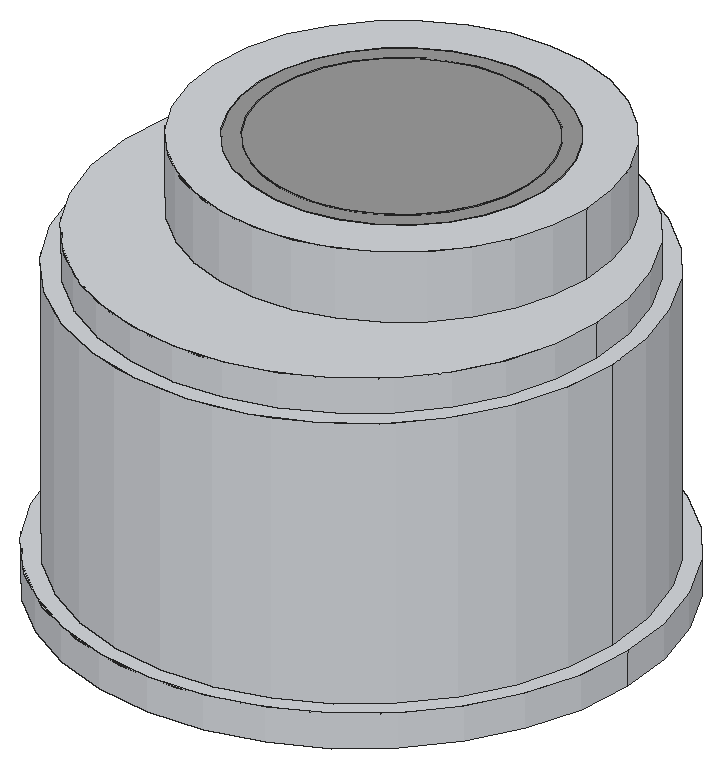
Revit family "（一通末端）1000圆形废水检查井", category 常规模型, Revit 2018
Family settings
  可将钢筋附着到主体 = 否
  圆形连接件大小 = 使用直径
  零件类型 = 标准
  基于工作平面 = 否
  总是垂直 = 是
  加载时剪切的空心 = 否
  共享 = 否
  房间计算点 = 否
Parameters (values of type "废水检查井")
  集水井高度 [instance] = 1200 mm
  附属物 = ""
  连接码 = ""
  起点埋深 = ""
  起点地面标高 = ""
  起始点号 = ""
  行X列 = ""
  终点埋深 = ""
  终点地面标高 = ""
  终止点号 = ""
  线型 = ""
  类型 = ""
  管线长度 = ""
  管径或断面尺寸 = ""
  电缆根数 = ""
  电压 = ""
  特征 = ""
  物探点号（管点编号） = ""
  流向 = ""
  材质 = none
  权属单位 = ""
  旋转线长度 = 150 mm
  新旧管线 = yes
  探测日期 = ""
  总孔数 = ""
  已用空孔 = ""
  左水管高度 [instance] = 270 mm
  左水管半径 [instance] = 150 mm
  套管尺寸（孔径） = ""
  备注 = ""
  埋设类型 = ""
  埋设日期 = ""
  地面标高 = ""
  右管拉伸长度 [instance] = 1800 mm
  右管半径 [instance] = 150 mm
  右管偏移角度 [instance] = 160.00°
  右水管高度 [instance] = 270 mm
  井筒高度 [instance] = 200 mm
  井筒 = 混凝土，现场浇注 - C15
  井盖及支座 = 钢 ASTM A242
  井板 = 混凝土，现场浇注 - C15
  井室高度 [instance] = 集水井高度 - 井筒高度 - 100 mm  # 900 mm
  井室 = 混凝土，现场浇注 - C15
  井基 = 混凝土，现场浇注 - C15
  Y坐标 = ""
  X坐标 = ""
  90度 = 30.00°
Reference planes
  plane 1 "中心(前/后)": y = 0
  plane 2: z = 0
  plane 3 "中心(左/右)": x = 0
  plane 4: z = 100
  plane 5: z = 900
  plane 6: z = 1200
  plane 7: z = 1000
  plane 8: z = 270
  plane 9: z = 270
Forms (mm)
  Extrusion 1, solid
    sketch origin (0, 0, 0) x (1, 0, 0) y (0, 1, 0)
      loop
        circle (0, 0) r 850
    from 0 to 100
  Extrusion 2, solid
    sketch origin (0, 0, 0) x (1, 0, 0) y (0, 1, 0)
      loop
        circle (0, 0) r 800
      loop
        circle (0, 0) r 500
    from 100 to 900
  Extrusion 3, solid
    sketch origin (0, 0, 0) x (1, 0, 0) y (0, 1, 0)
      loop
        circle (0, 200) r 450
      loop
        circle (0, 0) r 750
    from 900 to 1000
  Extrusion 4, solid
    sketch origin (0, 160, 0) x (1, 0, 0) y (0, 1, 0)
      loop
        circle (0, 0) r 590
      loop
        circle (0, 0) r 450
    from 1000 to 1200
  Sweep 5, solid, material "钢 ASTM A242" <- "井盖及支座"
    path in 3D
      loop
        arc (450, 160, 1000) -> (0, -290, 1000) -> (-450, 160, 1000) r 450
        arc (-450, 160, 1000) -> (0, 610, 1000) -> (450, 160, 1000) r 450
    profile origin (0, 610, 1000) x (0, -1, 0) y (0, 0, -1)
      loop
        line (0, -150) -> (0, -200) -> (50, -200) -> (50, -185) -> (100, -185) -> (100, -170) -> (50, -170) -> (30, -150) -> (0, -150)
  Extrusion 6, solid, material "钢 ASTM A242" <- "井盖及支座"
    sketch origin (0, -160, 0) x (1, 0, 0) y (0, 1, 0)
      loop
        circle (0, 320) r 400
    from 1000 to 1200
  Revolve 7, void
    sketch origin (0, 1530.265, 270) x (0, 1, 0) y (-1, 0, 0)
      loop
        line (-1530.265, 920) -> (-1530.265, 0) -> (-1380.265, 0) -> (-1380.265, 920) -> (-1530.265, 920)
      axis (-1530.265, 0) -> (-1530.265, 920)
    angle from 0 to 360
Cuts and joins
  Revolve 7 cuts Extrusion 2
Lines and regions (mm)
  sketch lines
    curve 1: arc (-450, 160, 1000) -> (0, 610, 1000) -> (450, 160, 1000) r 450
    curve 2: arc (450, 160, 1000) -> (0, -290, 1000) -> (-450, 160, 1000) r 450
  reference lines
    curve 3: line (0, 0, 270) -> (-2900, 0, 270)
    curve 4: line (0, 0, 270) -> (2940, 0, 270)
Dimensions and locks
  "井室高度": plane 5 to plane 2
  plane 7 to plane 5 = 100 mm
  "左水管高度": plane 9 to level
  "左水管半径": Revolve 7 sketch curve to Revolve 7 sketch curve
  "右水管高度": plane 8 to plane 2
  "井筒高度": plane 6 to plane 7
  Extrusion 6 to plane 6 = 0 mm
  Sweep 5 sketch curve to Sweep 5 sketch curve to Sweep 5 sketch curve = 15 mm, 15 mm
  Sweep 5 sketch curve to Sweep 5 sketch curve = 20 mm
  aligned and locked: level to plane 2
  aligned and locked: Extrusion 2 to plane 4
  aligned and locked: Extrusion 3 to plane 5
  aligned and locked: plane 5 to Extrusion 2
  aligned and locked: plane 7 to Extrusion 3
  aligned and locked: plane 6 to Extrusion 4
  aligned and locked: Extrusion 4 to plane 7
  aligned and locked: Extrusion 6 to Extrusion 3
  aligned and locked: Extrusion 4 to Extrusion 6
  aligned and locked: plane 6 to Sweep 5 sketch curve
Automatic sketch dimensions
  plane 1 "中心(前/后)" to Extrusion 1 sketch curve = 0 mm
  Extrusion 1 sketch curve to plane 3 "中心(左/右)" = 0 mm
  Extrusion 2 sketch curve to Extrusion 2 sketch curve = 0 mm  (x2)
  plane 1 "中心(前/后)" to Extrusion 2 sketch curve = 0 mm
  Extrusion 2 sketch curve to plane 3 "中心(左/右)" = 0 mm
  Extrusion 3 sketch curve to Extrusion 3 sketch curve = 0 mm  (x2)
  Extrusion 3 sketch curve to plane 3 "中心(左/右)" = 0 mm  (x2)
  plane 1 "中心(前/后)" to Extrusion 3 sketch curve = 0 mm
  Extrusion 3 sketch curve to plane 1 "中心(前/后)" = 200 mm
  Extrusion 3 sketch curve to plane 3 "中心(左/右)" = 450 mm
  Extrusion 4 sketch curve to Extrusion 4 sketch curve = 0 mm  (x2)
  Extrusion 4 sketch curve to plane 3 "中心(左/右)" = 0 mm
  Extrusion 4 sketch curve to plane 1 "中心(前/后)" = 160 mm
  Sweep 5 sketch curve to profile plane = 0 mm
  Sweep 5 sketch curve to Sweep 5 sketch curve = 30 mm
  Sweep 5 sketch curve to Sweep 5 sketch curve = 50 mm  (x2)
  Sweep 5 sketch curve to Sweep 5 sketch curve = 0 mm
  Extrusion 6 sketch curve to Extrusion 6 sketch curve = 0 mm  (x2)
  Extrusion 6 sketch curve to plane 3 "中心(左/右)" = 0 mm
  Extrusion 6 sketch curve to plane 1 "中心(前/后)" = 160 mm
  Extrusion 6 sketch curve to Extrusion 6 sketch curve = 400 mm
  plane 1 "中心(前/后)" to curve 4 = 0 mm
  curve 4 to plane 3 "中心(左/右)" = 0 mm
  plane 3 "中心(左/右)" to curve 4 = 2940 mm
  curve 3 to plane 1 "中心(前/后)" = 0 mm
  curve 3 to plane 3 "中心(左/右)" = 0 mm
  curve 3 to plane 3 "中心(左/右)" = 2900 mm
  plane 1 "中心(前/后)" to Revolve 7 sketch curve = 0 mm  (x2)
  Revolve 7 sketch curve to plane 3 "中心(左/右)" = 0 mm  (x2)
  Revolve 7 sketch curve to plane 3 "中心(左/右)" = 920 mm
  Revolve 7 sketch curve to Revolve 7 sketch curve = 1980 mm
  radius of Extrusion 1 sketch curve = 850 mm
  radius of Extrusion 2 sketch curve = 800 mm
  radius of Extrusion 2 sketch curve = 500 mm
  radius of Extrusion 3 sketch curve = 750 mm
  radius of Extrusion 4 sketch curve = 590 mm
  radius of Extrusion 4 sketch curve = 450 mm
